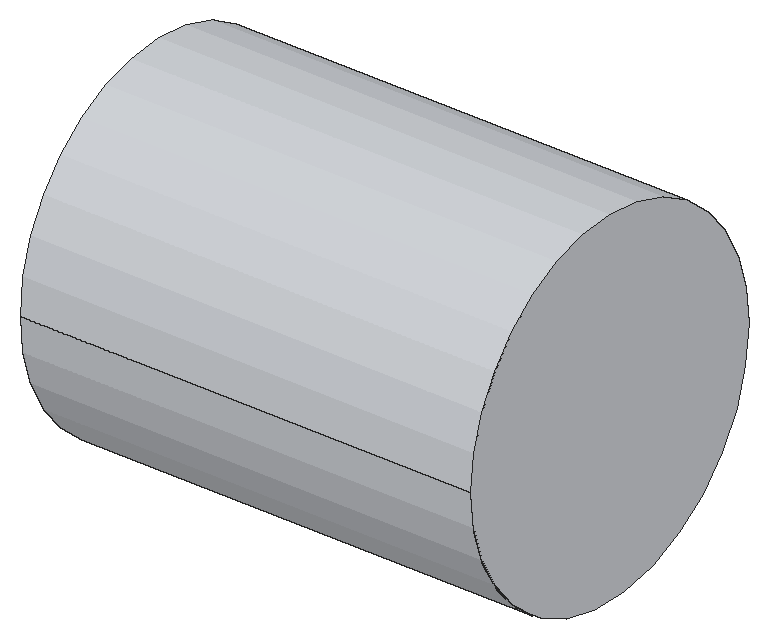
Revit family "M_Conexão - PVC - Sch 40", category Conexões de tubo, Revit 2019
Family settings
  Cota do conector redondo = Usar raio
  Tipo de parte = União
  Número OmniClass = 23.60.30.11.14
  Título OmniClass = Pipework Fittings
  ID de item do Seek = Coupling - PVC - Sch 40-0000-CAN-ENU
  Com base no plano de trabalho = Não
  Sempre na vertical = Sim
  Corte com vazios quando carregada = Não
  Compartilhado = Não
Parameters (values of type "Padrão")
  Tamanho da marca de revisão [instance] = Diâmetro externo do soquete * 0.4  # 11.481 mm
  Raio externo do soquete [instance] = Diâmetro externo do soquete / 2  # 14.351 mm
  Diâmetro externo do soquete [instance] = size_lookup(Nome da tabela de pesquisa, "SOD", 1.13 * Diâmetro nominal + 11.212 mm, Diâmetro nominal)  # 28.702 mm
  Raio nominal [instance] = 7.5 mm
  Diâmetro nominal [instance] = Raio nominal * 2  # 15 mm
  Método de perda = Coeficiente K da tabela
  Nome da tabela de pesquisa = "M_Coupling - PVC - Sch 40"
  Comprimento 1 [instance] = Comprimento / 2  # 18.669 mm
  Comprimento [instance] = size_lookup(Nome da tabela de pesquisa, "Lgt", 0.93 * Diâmetro nominal + 22.622 mm, Diâmetro nominal)  # 37.338 mm
  Tabela de coeficiente K = "Redutor/Acoplamento/União/Redutor"
Reference planes
  plane 1 "Centro (Frente/Trás)": y = 0
  plane 2: z = 0
  plane 3 "Centro (Esquerda/Direita)": x = 0
  plane 4: x = -18.669
  plane 5: x = 18.669
Forms (mm)
  Extrusion 1, solid, detail levels fine
    sketch origin (0, 0, 0) x (0, 1, 0) y (0, 0, 1)
      loop
        circle (0, 0) r 14.351
    from -18.669 to 18.669
Lines and regions (mm)
  model lines, detail levels coarse+medium
    curve 1: line (-18.669, 0, 0) -> (18.669, 0, 0)
    curve 2: line (-18.669, 0, 0) -> (-18.669, 11.481, 0)
    curve 3: line (-18.669, 0, 0) -> (-18.669, -11.481, 0)
    curve 4: line (18.669, 0, 0) -> (18.669, 11.481, 0)
    curve 5: line (18.669, 0, 0) -> (18.669, -11.481, 0)
Dimensions and locks
  equal spacing: plane 4, plane 3 "Centro (Esquerda/Direita)", plane 5
  "Comprimento 1": plane 4 to plane 3 "Centro (Esquerda/Direita)"
  "Tamanho da marca de revisão": plane 1 "Centro (Frente/Trás)" to curve 2
  "Tamanho da marca de revisão": curve 3 to plane 1 "Centro (Frente/Trás)"
  equal spacing: curve 5, plane 1 "Centro (Frente/Trás)", curve 4
  "Tamanho da marca de revisão": plane 1 "Centro (Frente/Trás)" to curve 4
  "Raio externo do soquete": radius of Extrusion 1 sketch curve
  aligned and locked: plane 1 "Centro (Frente/Trás)" to Extrusion 1 sketch curve
  aligned and locked: level to Extrusion 1 sketch curve
  aligned and locked: Extrusion 1 to plane 4
  aligned and locked: plane 1 "Centro (Frente/Trás)" to curve 1
  aligned and locked: plane 4 to curve 1
  aligned and locked: plane 5 to curve 1
  aligned and locked: plane 5 to Extrusion 1
Connectors
  piping at (-18.669, 0, 0), diameter 15, driven by "Raio nominal"
    settings: on Extrusion 1, index 1, connector inside diameter 15 mm, connector length 0 mm, flow factor 0, pipe flow 0.0 L/s, pressure drop 0.0 Pa, fitting loss kfactor 0, connector angle 0.00°, fixture units 0, engagement length 0 mm, angle of deflection 0.00°, flow configuration 0, flow direction 0, fitting loss method 0, system type 28, joint type 0, gender type 0, connector reference index 2, connector utility 0, adjustable connector no, is connector primary yes, connector description ""
  piping at (18.669, 0, 0), diameter 15, driven by "Raio nominal"
    settings: on Extrusion 1, index 2, connector inside diameter 15 mm, connector length 0 mm, flow factor 0, pipe flow 0.0 L/s, pressure drop 0.0 Pa, fitting loss kfactor 0, connector angle 0.00°, fixture units 0, engagement length 0 mm, angle of deflection 0.00°, flow configuration 0, flow direction 0, fitting loss method 0, system type 28, joint type 0, gender type 0, connector reference index 1, connector utility 0, adjustable connector no, is connector primary no, connector description ""
